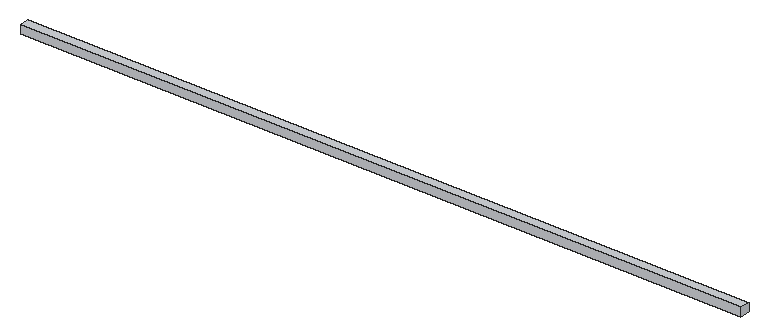
Revit family "QUADRATE NEON FLEX RGBX 1312_NDFXRGBX", category Luminarias, Revit 2019
Family settings
  Cota de conector redondo = Diámetro de uso
  Tipo de pieza = Normal
  Se basa en plano de trabajo = Sí
  Siempre vertical = No
  Corte con vacíos al cargar = No
  Origen de luz = Sí
  Compartido = No
  Punto de cálculo de habitación = No
Parameters (values of type "QUADRATE NEON FLEX RGBX 1312_NDFXRGBX")
  Tilt Angle = 60.00°
  built-in parameter 1010506 = 0.5236 (stored number, unit not read)
  built-in parameter 1010507 = 1.5708 (stored number, unit not read)
  Zone [instance] = ""
  Watt per fixture [instance] = (Longitud / 1000 mm) * (20.2)  # 20.2
  Wattage = 20.2 W
  built-in parameter 1150107 = 3000 (stored number, unit not read)
  built-in parameter 1150110 = 1 (stored number, unit not read)
  built-in parameter 1150109 = 1 (stored number, unit not read)
  built-in parameter 1150112 = 1 (stored number, unit not read)
  built-in parameter 1150113 = 1 (stored number, unit not read)
  built-in parameter 1114218 = 1 (stored number, unit not read)
  built-in parameter 1150137 = (empty or 0)
  built-in parameter 1150132 = (empty or 0)
  Modelo Lampara = "2835 SMD"
  Modelo = "NDFXRGBX"
  Marca = "BRILLANT"
  Longitud de símbolo de origen de luz = 1500 mm
  Longitud de línea de emisión = 600 mm
  Longitud [instance] = 1000 mm
  built-in parameter 1150105 = 3377 (stored number, unit not read)
  built-in parameter 1150102 = (empty or 0)
  built-in parameter 1150106 = 33.77 (stored number, unit not read)
  Lumens = 1010 lm
  Color Filter = 16777215
  built-in parameter 1114217 = 1 (stored number, unit not read)
  built-in parameter 1150139 = (empty or 0)
  Fabricante = "BRILLANT"
  Default Elevation = 0 mm
  built-in parameter 1150104 = 4.6452 (stored number, unit not read)
  Descripción = "TIRA QUADRATE NEON FLEX RGBX 1312 DE PLASTICO FLEXIBLE CON UNA POTENCIA DE 20.2W/M DE UN TIPO DE LED 2835 SMD, USO PARA EXTERIORES IP67, IK08, TECNOLOGIA EN RGBX R 620-630nm G 525-530nm B 465-470nm, PRESENTACION DE 5M, CORTE 7.14CM, AMPERAJE 0.75A, ALIMENTADO A 24V, REQUIERE ACCESORIOS."
  built-in parameter 1150115 = 1 (stored number, unit not read)
  built-in parameter 1150114 = 1 (stored number, unit not read)
  Costo USD_NDFXRGBX [instance] = (Longitud / 1000 mm) * (52)  # 52
  Comentarios de vataje = "24V"
  built-in parameter 1150138 = (empty or 0)
  built-in parameter 1150134 = (empty or 0)
  Circuit [instance] = ""
  Dimming Lamp Color Temperature Shift = (empty or 0)
  Ancho = 13 mm
  Altura = 12 mm
  built-in parameter 1150133 = 10 (stored number, unit not read)
Reference planes
  plane 1 "Centro (Frontal/Posterior)": y = 0
  plane 2: z = 0
  plane 3 "Centro (Izquierda/Derecha)": x = 0
  plane 4 "IZQ": x = -1000
  plane 5: z = 12
  plane 6: y = -6.5
  plane 7: y = 6.5
Forms (mm)
  Extrusion 1, solid
    sketch origin (0, 0, 0) x (1, 0, 0) y (0, 1, 0)
      loop
        line (-1000, 6.5) -> (-1000, -6.5) -> (0, -6.5) -> (0, 6.5) -> (-1000, 6.5)
    from 0 to 12
Dimensions and locks
  plane 5 to imposter light = 12 mm
  equal spacing: plane 6, plane 1 "Centro (Frontal/Posterior)", plane 7
  plane 6 to plane 1 "Centro (Frontal/Posterior)" = 6.5 mm
  "Ancho": plane 6 to plane 7
  "Altura": plane 5 to plane 2
  "Longitud": plane 4 "IZQ" to plane 3 "Centro (Izquierda/Derecha)"
  aligned and locked: level to plane 2
  aligned and locked: plane 4 "IZQ" to Extrusion 1
  aligned and locked: plane 5 to Extrusion 1
  aligned and locked: Extrusion 1 to plane 6
  aligned and locked: plane 7 to Extrusion 1
  aligned and locked: plane 3 "Centro (Izquierda/Derecha)" to Extrusion 1
Automatic sketch dimensions
  Extrusion 1 sketch curve to plane 4 "IZQ" = 0 mm
  plane 6 to Extrusion 1 sketch curve = 0 mm
  Extrusion 1 sketch curve to plane 7 = 0 mm
  plane 3 "Centro (Izquierda/Derecha)" to Extrusion 1 sketch curve = 0 mm
Connectors
  electrical at (0, 0, 6)
    settings: on Extrusion 1, index 1, voltage 24 V, apparent load 0 VA, apparent load phase1 0 VA, apparent load phase2 0 VA, apparent load phase3 0 VA, power factor 1, load classification "Otro", number of poles 1, system type 31, power factor state 1, is connector primary yes, connector utility no, sub classification motor no, connector description ""
